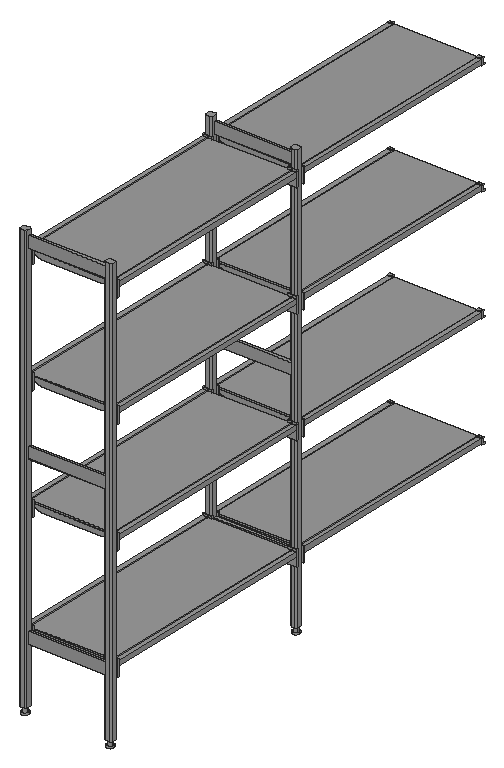
Revit family "QF_ELECTROLUXPROFESSIONAL_137062_ACS1840", category Attrezzature speciali, Revit 2020 (continued)
Definition of nested family "WT_Aggancio373"
  Dimensions and locks
    "Depth": plane 3 "BACK" to plane 4 "FRONT"
    "Dint": plane 7 to plane 8
    equal spacing: plane 7, plane 6 "Center (Front/Back)", plane 8
    equal spacing: plane 3 "BACK", plane 6 "Center (Front/Back)", plane 4 "FRONT"
    plane 9 "FEET" to level = 25.0 mm
    plane 5 "TOP" to plane 9 "FEET" = 1700.0 mm
    plane 10 to plane 9 "FEET" = 250.0 mm
    plane 11 to plane 10 = 450.0 mm
    plane 12 to plane 11 = 450.0 mm
    plane 13 to plane 12 = 450.0 mm
    locked: plane 3 "BACK" to plane 15 "CYBack" at 17.5
    locked: plane 16 "CYFront" to plane 4 "FRONT" at 17.5
    aligned and locked: level to plane 1
    aligned and locked: Extrusion 1 sketch curve to Extrusion 1 sketch curve  (x3)
  Automatic sketch dimensions
    plane 16 "CYFront" to Extrusion 1 sketch curve = 1.478 mm  (x4)
    Extrusion 1 sketch curve to Extrusion 1 sketch curve = 2.0 mm
    plane 8 to Extrusion 1 sketch curve = 3.478 mm  (x4)
    Extrusion 1 sketch curve to plane 10 = 4.006 mm
    Extrusion 1 sketch curve to Extrusion 1 sketch curve = 34.0 mm  (x4)
    Extrusion 1 sketch curve to plane 11 = 4.006 mm
    Extrusion 1 sketch curve to plane 12 = 4.006 mm
    Extrusion 1 sketch curve to plane 13 = 4.006 mm
    Extrusion 1 sketch curve to plane 7 = 37.522 mm  (x4)
    Extrusion 1 sketch curve to plane 7 = 3.522 mm  (x4)
    plane 14 to Extrusion 1 sketch curve = 3.516 mm  (x4)
    plane 14 to Extrusion 1 sketch curve = 1.522 mm  (x4)
    plane 10 to Extrusion 1 sketch curve = 7.998 mm  (x2)
    Extrusion 1 sketch curve to Extrusion 1 sketch curve = 11.498 mm  (x4)
    Extrusion 1 sketch curve to Extrusion 1 sketch curve = 6.499 mm  (x8)
    plane 11 to Extrusion 1 sketch curve = 7.998 mm  (x2)
    plane 12 to Extrusion 1 sketch curve = 7.998 mm  (x2)
    plane 13 to Extrusion 1 sketch curve = 7.998 mm  (x2)
    plane 2 "LEFT" to Extrusion 2 sketch curve = 0.0 mm  (x4)
    plane 13 to Extrusion 2 sketch curve = 7.996 mm
    plane 11 to Extrusion 2 sketch curve = 7.996 mm
    Extrusion 2 sketch curve to Extrusion 2 sketch curve = 5.0 mm  (x4)
    plane 11 to Extrusion 2 sketch curve = 2.494 mm
    plane 10 to Extrusion 2 sketch curve = 28.996 mm
    Extrusion 2 sketch curve to Extrusion 2 sketch curve = 3.0 mm  (x4)
    plane 10 to Extrusion 2 sketch curve = 7.996 mm
    plane 10 to Extrusion 2 sketch curve = 2.494 mm
    Extrusion 2 sketch curve to Extrusion 2 sketch curve = 18.0 mm  (x3)
    plane 12 to Extrusion 2 sketch curve = 2.494 mm
    plane 12 to Extrusion 2 sketch curve = 7.996 mm
    plane 13 to Extrusion 2 sketch curve = 2.494 mm
    plane 2 "LEFT" to Extrusion 3 sketch curve = 0.0 mm  (x4)
    plane 13 to Extrusion 3 sketch curve = 7.996 mm
    plane 11 to Extrusion 3 sketch curve = 7.996 mm
    Extrusion 3 sketch curve to Extrusion 3 sketch curve = 5.0 mm  (x4)
    plane 11 to Extrusion 3 sketch curve = 2.494 mm
    plane 10 to Extrusion 3 sketch curve = 28.996 mm
    Extrusion 3 sketch curve to Extrusion 3 sketch curve = 3.0 mm  (x4)
    plane 10 to Extrusion 3 sketch curve = 7.996 mm
    plane 10 to Extrusion 3 sketch curve = 2.494 mm
    Extrusion 3 sketch curve to Extrusion 3 sketch curve = 18.0 mm  (x3)
    plane 12 to Extrusion 3 sketch curve = 2.494 mm
    plane 12 to Extrusion 3 sketch curve = 7.996 mm
    plane 13 to Extrusion 3 sketch curve = 2.494 mm
    plane 2 "LEFT" to curve 1 = 5.0 mm
    plane 2 "LEFT" to curve 7 = 5.0 mm
    curve 1 to plane 16 "CYFront" = 17.5 mm
    curve 3 to plane 8 = 12.522 mm
    plane 7 to curve 5 = 12.478 mm
    curve 7 to plane 14 = 17.5 mm
    curve 5 to curve 5 = 4.0 mm
    curve 1 to curve 4 = 4.0 mm
    Extrusion 2 sketch curve to Extrusion 2 sketch curve = 4.0 mm  (x4)
    Extrusion 2 sketch curve to Extrusion 2 sketch curve = 8.969 mm  (x4)
    Extrusion 3 sketch curve to Extrusion 3 sketch curve = 4.0 mm  (x4)
    Extrusion 3 sketch curve to Extrusion 3 sketch curve = 8.969 mm  (x4)
